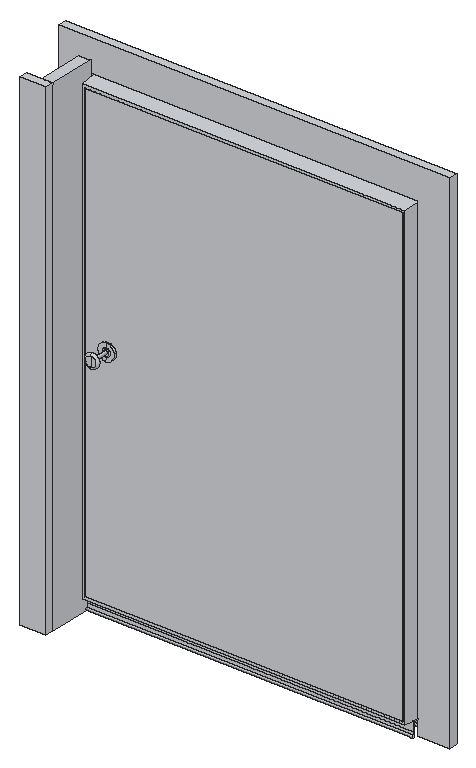
Revit family "Jamolite II", category Doors, host Wall, Revit 2014
Parameters (values of type "5'0" X 7'0"X 4"")
  WIC = 56"
  Trim [instance] = yes
  Thickness = 4"
  Swing Angle [instance] = 45.00°
  Shutter = none
  Rough Width = WIC + 4 3/4"  # 60 3/4"
  Rough Height = HIC + 2"  # 84"
  Jamb [instance] = yes
  Buck Opening = WIC + 4"  # 60"
  Buck Opening HT. = HIC + 2"  # 84"
  HIC = 82"
  Function = Interior
  Frame Projection Ext. = 1"
  Frame Projection Int. = 1"
  Frame Width = 3"
  Height = 84"
  Wall Closure = By host
  Width = 36"
  Frame = none
  LATCH STRIKE TAPPING BAR = 41"
  DOOR CLOSER = 14"
  Closure Offset = 8"
  Closer [instance] = yes
  Analytic Construction = "<None>"
Types (13): name | WIC | Thickness | Rough Width | Rough Height | Buck Opening | Buck Opening HT. | HIC
  2'6"X6'6"X4" | 26" | 4" | 30 3/4" | 78" | 30" | 78" | 76"
  2'6"X6'6"X6" | 26" | 6" | 30 3/4" | 78" | 30" | 78" | 76"
  3'0" X 6'6"X 4" | 32" | 6" | 36 3/4" | 78" | 36" | 78" | 76"
  3'6" X 6'6"X 4" | 38" | 4" | 42 3/4" | 78" | 42" | 78" | 76"
  3'6" X 6'6"X 6" | 38" | 6" | 42 3/4" | 78" | 42" | 78" | 76"
  4'0" X 6'6"X 4" | 44" | 6" | 48 3/4" | 78" | 48" | 78" | 76"
  4'6" X 6'6"X 4" | 50" | 4" | 54 3/4" | 78" | 54" | 78" | 76"
  5'0" X 6'6"X 4" | 56" | 4" | 60 3/4" | 78" | 60" | 78" | 76"
  3'0" X 7'0"X 4" | 32" | 4" | 36 3/4" | 84" | 36" | 84" | 82"
  3'0" X 7'0"X 6" | 32" | 6" | 36 3/4" | 84" | 36" | 84" | 82"
  3'6" X 7'0"X 4" | 38" | 6" | 42 3/4" | 84" | 42" | 84" | 82"
  5'0" X 7'0"X 4" | 56" | 4" | 60 3/4" | 84" | 60" | 84" | 82"
  5'0" X 7'0"X 6" | 56" | 6" | 60 3/4" | 84" | 60" | 84" | 82"
Reference planes (in)
  plane 1 "Center (Front/Back)": y = 0
  plane 2 "Center (Left/Right)": x = 0
  plane 3 "Exterior": y = 4
  plane 4 "Interior": y = -4
  plane 5 "WIC R": x = -18.27643
  plane 6 "BW L": x = 30
  plane 7 "BW R": x = -30
  plane 8 "HIC": z = 82
  plane 9 "BH": z = 84
  plane 10 "FO2": x = -28
  plane 11: z = 42
  plane 12: z = 17.5
  plane 13 "r": y = 5.5
  plane 14: z = 102.82525
  plane 15: z = 54.04247
  plane 16: z = 60.82525
  plane 17: z = 81.0494
  plane 18: y = 7.04389
  plane 19: x = -27.19354
  plane 20: x = 28
  plane 21: x = 28
  plane 22: y = 5.75
  plane 23: y = 1.75
  plane 24: x = 27.25515
  plane 25: z = 46.35636
  plane 26: z = 71.5494
  plane 27: x = -23.25
Forms (in)
  Sweep 1, solid, material <- "Frame"
    path origin (0, 0, 0) x (1, 0, 0) y (0, 0, 1)
      loop
        line (28, 0) -> (28, 82) -> (-28, 82) -> (-28, 0)
    profile origin (28, 0, 41) x (-1, 0, 0) y (0, -1, 0)
      loop
        line (0, -4) -> (-5.5, -4) -> (-5.5, -5.5) -> (0, -5.5) -> (0, -4)
  Extrusion 2, solid, material <- "Shutter"
    sketch origin (0, 0, 0) x (0, 1, 0) y (0, 0, 1)
      loop
        line (1.75, 81.0494) -> (1.75, 2.90625) -> (6.75, 2.90625) -> (6.75, 81.0494) -> (1.75, 81.0494)
    from -27.19354 to 27.25515
  Sweep 3, solid
    path in 3D
      loop
        line (-27.19354, 6.75, 2.90625) -> (27.25515, 6.75, 2.90625) -> (27.25515, 6.75, 81.0494) -> (-27.19354, 6.75, 81.0494) -> (-27.19354, 6.75, 2.90625)
    profile origin (-27.19354, 6.75, 41.97782) x (-1, 0, 0) y (0, -1, 0)
      loop
        line (0, 0) -> (1.78794, 0)
        arc (1.78794, 0) -> (1.93789, 0.06211) -> (2, 0.21206) r 0.21206
        line (2, 0.21206) -> (2, 0.43951)
        arc (2, 0.43951) -> (1.84911, 0.62924) -> (1.60936, 0.66505) r 0.33064
        line (1.60936, 0.66505) -> (0.71825, 0.66505) -> (0.37297, 5) -> (0, 5) -> (0, 0)
  Extrusion 4, solid, material <- "Frame", detail levels fine
    sketch origin (-25.125, 4.5, 83.5) x (0, 0, -1) y (0, -1, 0)
      loop
        arc (83.0329, -1.5406) -> (83.39152, -1.4402) -> (83.02065, -1.47404) r 0.18698
        line (83.02065, -1.47404) -> (81.29619, -1.47404) -> (80.95374, 1.30129) -> (83.0473, 1.30129)
        arc (83.0473, 1.30129) -> (83.38361, 1.46067) -> (83.02272, 1.36977) r 0.18698
        line (83.02272, 1.36977) -> (82.44191, 1.36977) -> (80.86866, 1.36977) -> (81.22778, -1.5406) -> (83.0329, -1.5406)
    from -53.125 to 2.875
  Extrusion 5, solid, visible <- "Trim"
    sketch origin (2, 0, 0) x (1, 0, 0) y (0, 1, 0)
      loop
        line (-30, -4) -> (-34.5, -4) -> (-34.5, -5.5) -> (-30, -5.5) -> (-30, -4)
    from 0 to 84
  Extrusion 6, solid, visible <- "Jamb"
    sketch origin (0, 0, 0) x (1, 0, 0) y (0, 1, 0)
      loop
        line (-28, 4) -> (-30, 4) -> (-30, -4) -> (-28, -4) -> (-28, 4)
    from 0 to 84
Lines and regions (in)
  Opening 1
    outline origin (-60, -4, 0) x (1, 0, 0) y (0, 0, 1)
      loop
        line (90, 84) -> (30, 84) -> (30, 0) -> (90, 0) -> (90, 84)
  sketch lines
    curve 1: line (-27.19354, 6.75, 81.0494) -> (-27.19354, 6.75, 2.90625)
    curve 2: line (27.25515, 6.75, 81.0494) -> (-27.19354, 6.75, 81.0494)
    curve 3: line (27.25515, 6.75, 2.90625) -> (27.25515, 6.75, 81.0494)
    curve 4: line (27.25515, 6.75, 2.90625) -> (-27.19354, 6.75, 2.90625)
Text (in)
  text "Exterior" at (-74.96733, 27.31104, 0), in view "Ref. Level"
  text "Interior" at (-74.96733, -25.14366, 0), in view "Ref. Level"
  text "Exterior" at (0, 40.15149, 123.01588), in view "Right"
  text "Interior" at (0, -64.39139, 123.01588), in view "Right"
  text "Interior" at (0, -31.01599, 123.00693), in view "Left"
  text "Exterior" at (0, 54.57065, 123.00693), in view "Left"
Dimensions and locks (in)
  "HIC": level to plane 8 "HIC"
  locked: plane 3 "Exterior" to Sweep 1 sketch curve at 1.5
  locked: Sweep 1 sketch curve to Sweep 1 sketch curve at 5.5
  locked: level to plane 11 at 42
  locked: level to plane 12 at 17.5
  Extrusion 2 sketch curve to host wall = 1 3/4"
  plane 8 "HIC" to Extrusion 2 sketch curve = 0.9506"
  locked: Extrusion 2 sketch curve to level at 2.90625
  locked: plane 17 to plane 8 "HIC" at 0.9506
  plane 12 to nested 4 = 0"
  plane 26 to plane 17 = 9 1/2"
  "Buck Opening": plane 7 "BW R" to plane 6 "BW L"
  equal spacing: plane 7 "BW R", plane 2 "Center (Left/Right)", plane 6 "BW L"
  "WIC": plane 10 "FO2" to plane 21
  locked: plane 20 to plane 6 "BW L" at 2
  nested 7 to plane 20 = 0"
  locked: nested 5 to plane 6 "BW L" at 0.24166
  plane 8 "HIC" to level = 82"
  "Buck Opening HT.": level to plane 9 "BH"
  "Thickness": plane 22 to plane 23
  plane 20 to plane 6 "BW L" = 2"
  locked: plane 7 "BW R" to plane 10 "FO2" at 2
  equal spacing: plane 10 "FO2", plane 2 "Center (Left/Right)", plane 21
  locked: plane 10 "FO2" to plane 19 at 0.80646
  locked: plane 24 to plane 20 at 0.74485
  locked: plane 7 "BW R" to nested 2 at 0.65555
  locked: plane 10 "FO2" to plane 27 at 4.75
  Extrusion 5 sketch curve to Extrusion 5 sketch curve = 4 1/2"
  locked: Extrusion 5 to Extrusion 5 at 1.5
  locked: Extrusion 5 to Extrusion 5 at 4.5
  aligned and locked: plane 3 "Exterior" to host wall
  aligned and locked: plane 4 "Interior" to host wall
  aligned and locked: plane 9 "BH" to Opening 1 sketch curve
  aligned and locked: Opening 1 sketch curve to plane 6 "BW L"
  aligned and locked: Opening 1 sketch curve to level
  aligned and locked: plane 7 "BW R" to Opening 1 sketch curve
  aligned and locked: plane 3 "Exterior" to Sweep 1 sketch curve
  aligned and locked: plane 13 "r" to Sweep 1
  aligned and locked: Extrusion 2 to plane 17
  aligned and locked: plane 11 to nested 2
  aligned and locked: nested 4 to plane 12
  aligned and locked: plane 19 to Extrusion 2
  aligned and locked: nested 7 to plane 20
  aligned and locked: nested 1 to plane 7 "BW R"
  aligned and locked: plane 11 to nested 1
  aligned and locked: nested 6 to plane 11
  aligned and locked: plane 20 to Sweep 1 sketch curve
  aligned and locked: Extrusion 4 to Sweep 1
  aligned and locked: Extrusion 2 to plane 23
  aligned and locked: plane 23 to Sweep 3 sketch curve
  aligned and locked: Sweep 1 sketch curve to plane 10 "FO2"
  aligned and locked: Sweep 1 sketch curve to profile plane
  aligned and locked: plane 24 to Extrusion 2
  aligned and locked: plane 10 "FO2" to Extrusion 4
  aligned and locked: plane 6 "BW L" to nested 4
  aligned and locked: plane 27 to nested 6
  aligned and locked: plane 6 "BW L" to nested 8
  aligned and locked: plane 3 "Exterior" to nested 8
  aligned and locked: Extrusion 5 to plane 4 "Interior"
  aligned and locked: Extrusion 5 to host wall
  aligned and locked: host wall to Extrusion 6 sketch curve  (x2)
  aligned and locked: Extrusion 5 to plane 10 "FO2"
  aligned and locked: Extrusion 6 to Extrusion 5
  aligned and locked: nested 5 to plane 26
  aligned and locked: nested 7 to plane 26
Automatic sketch dimensions
  Extrusion 2 sketch curve to plane 13 "r" = 1 1/4"
  Sweep 1 sketch curve to plane 8 "HIC" = 0"
  Sweep 1 sketch curve to level = 0"  (x2)
  Extrusion 4 sketch curve to host wall = 0.86977"
  level to Extrusion 4 sketch curve = 2.63134"
  Extrusion 4 sketch curve to host wall = 0.80129"
  Extrusion 4 sketch curve to Extrusion 4 sketch curve = 0.08507"
  Extrusion 4 sketch curve to plane 13 "r" = 0.5406"
  level to Extrusion 4 sketch curve = 2.27222"
  Extrusion 4 sketch curve to Extrusion 4 sketch curve = 0.06841"
  level to Extrusion 4 sketch curve = 1.05809"
  level to Extrusion 4 sketch curve = 0.47935"
  level to Extrusion 4 sketch curve = 0.47728"
  Extrusion 4 sketch curve to Extrusion 4 sketch curve = 0.01225"
  Extrusion 4 sketch curve to Extrusion 4 sketch curve = 0.02458"
  Extrusion 4 sketch curve to Extrusion 4 sketch curve = 0.17473"
  Extrusion 4 sketch curve to Extrusion 4 sketch curve = 0.16033"
  Sweep 3 sketch curve to profile plane = 0"  (x2)
  profile plane to Sweep 3 sketch curve = 0.71825"
  Sweep 3 sketch curve to Sweep 3 sketch curve = 0.89111"
  Sweep 3 sketch curve to Sweep 3 sketch curve = 0.07443"
  Sweep 3 sketch curve to Sweep 3 sketch curve = 0.10415"
  Sweep 3 sketch curve to profile plane = 0.21206"
  Sweep 3 sketch curve to Sweep 3 sketch curve = 0.13084"
  Sweep 3 sketch curve to Sweep 3 sketch curve = 0.22745"
  profile plane to Sweep 3 sketch curve = 0.37297"
  host wall to Extrusion 5 sketch curve = 0"
  Extrusion 5 sketch curve to plane 7 "BW R" = 2"
  host wall to Extrusion 5 sketch curve = 1 1/2"
  Extrusion 6 sketch curve to plane 7 "BW R" = 0"
  Extrusion 6 sketch curve to plane 10 "FO2" = 0"
Nested families (in)
  nested 1: "K 56 Latch" at (-24.92764, 5.5, 42) x (1, 0, 0) z (0, 1, 0), type "K 56 Latch", detail levels fine
  nested 2: "K56 Latch-1" at (-25.5, 6.75, 42) x (1, 0, 0) z (0, 1, 0), type "K56", detail levels fine
  nested 3: "Family15" at (29.75834, 5.5, 17.25) x (-1, 0, 0) z (0, 1, 0), type "Family15", detail levels fine
  nested 4: "CAM LIFT HINGE" at (29.16509, 6.75, 17.5) x (-1, 0, 0) z (0, 1, 0), type "CAM LIFT HINGE", detail levels fine
  nested 5: "Family15" at (29.75834, 5.5, 71.5494) x (-1, 0, 0) z (0, 1, 0), type "Family15", detail levels fine
  nested 6: "Handle" at (-23.25, 1.75, 42) x (1, 0, 0) z (0, -1, 0), type "Handle", detail levels fine
  nested 7: "CAM LIFT HINGE" at (29, 6.75, 71.5494) x (-1, 0, 0) z (0, 1, 0), type "CAM LIFT HINGE", detail levels fine
  nested 8: "Swing" at (30, 4, 0), type "Swing"
    with Swing 60"
Definition of nested family "K 56 Latch"
  Parameters (values of type "K 56 Latch")
    Default Elevation = 48"
  Reference planes (in)
    plane 1 "Center (Front/Back)": y = 0
    plane 2: z = 0
    plane 3 "Center (Left/Right)": x = 0
  Forms (in)
    Extrusion 1, solid
      sketch origin (0, 0, 0) x (1, 0, 0) y (0, 1, 0)
        loop
          line (-48, 48) -> (-48, -48) -> (48, -48) -> (48, 48) -> (-48, 48)
      from 0 to -12
  Dimensions and locks (in)
    aligned and locked: plane 2 to Extrusion 1
    aligned and locked: level to Extrusion 1
    aligned and locked: nested 1 to plane 2
  Nested families (in)
    nested 1: "K56 Latch" at (0, 0, 6.39026), type "K56"
  Definition of nested family "K56 Latch"
    Reference planes (in)
      plane 1 "Center (Front/Back)": y = 0
      plane 2: z = 0
      plane 3 "Center (Left/Right)": x = 0
      plane 4: x = 449.411
      plane 5: x = 455.36327
      plane 6: z = -2.28125
      plane 7: z = -6.39026
      plane 8: z = -3.85901
    Forms (in)
      Extrusion 1, solid
        sketch origin (0, 0, 0) x (1, 0, 0) y (0, 0, 1)
          loop
            arc (-4.29402, -3.79735) -> (-3.99453, -3.40704) -> (-4.35725, -3.07467) r 0.3641
            line (-4.35725, -3.07467) -> (-4.99876, -3.07467) -> (-4.99876, -3.85901) -> (-4.29402, -3.79735)
          loop
            circle (-4.44113, -3.44578) r 0.13799
        from -0.76762 to 0.91529
      Extrusion 2, solid
        sketch origin (0, 0, 0) x (1, 0, 0) y (0, 0, 1)
          loop
            line (-4.99876, -4.78125) -> (-4.99876, -2.87848) -> (-6.28705, -2.87848)
            arc (-6.28705, -2.87848) -> (-6.95561, -3.73138) -> (-7.22428, -4.78125) r 2.63458
            line (-7.22428, -4.78125) -> (-4.99876, -4.78125)
        from -0.76762 to 0.91529
      Extrusion 3, void
        sketch origin (0, 0, 0) x (1, 0, 0) y (0, 1, 0)
          loop
            line (-6.0666, 0.76762) -> (-7.55529, 0.76762) -> (-7.55529, -0.91529) -> (-5.50023, -0.91529) -> (-7.1008, -0.71877)
            arc (-7.1008, -0.71877) -> (-7.23095, -0.03963) -> (-7.10444, 0.64019) r 1.86309
            line (-7.10444, 0.64019) -> (-6.0666, 0.76762)
        from -5.05191 to -2.45611
      Extrusion 4, solid
        sketch origin (0, 0, 0) x (1, 0, 0) y (0, 1, 0)
          loop
            line (-5.07236, 0.76762) -> (-5.07236, 1.62599) -> (-5.97114, 1.62599) -> (-6.65564, 1.54194)
            arc (-6.65564, 1.54194) -> (-6.93192, 1.42485) -> (-7.10444, 1.17933) r 0.54537
            line (-7.10444, 1.17933) -> (-7.10444, 0.64019) -> (-6.0666, 0.76762) -> (-5.07236, 0.76762)
          loop
            line (-7.10444, -0.73394) -> (-7.10444, -1.27308)
            arc (-7.10444, -1.27308) -> (-6.93192, -1.5186) -> (-6.65564, -1.63569) r 0.54537
            line (-6.65564, -1.63569) -> (-5.97114, -1.71974) -> (-5.07236, -1.71974) -> (-5.07236, -0.91529) -> (-5.62749, -0.91529) -> (-7.10444, -0.73394)
        from -6.39026 to -4.78125
      Extrusion 5, solid, not visible
        sketch origin (0, 0, 0) x (1, 0, 0) y (0, 0, 1)
          loop
            line (-3.84445, -3.42691) -> (-3.84445, -5.05191) -> (-3.09445, -5.05191)
            arc (-3.09445, -5.05191) -> (-2.62588, -4.67884) -> (-2.04191, -4.54572) r 1.34738
            line (-2.04191, -4.54572) -> (2.12115, -4.54572)
            arc (2.12115, -4.54572) -> (2.70511, -4.67884) -> (3.17369, -5.05191) r 1.34738
            line (3.17369, -5.05191) -> (3.40555, -5.05191) -> (3.40555, -3.9876)
            arc (3.40555, -3.9876) -> (3.07333, -3.18555) -> (2.27128, -2.85333) r 1.13427
            line (2.27128, -2.85333) -> (-3.0253, -2.85333)
            arc (-3.0253, -2.85333) -> (-3.49776, -3.05031) -> (-3.84445, -3.42691) r 1.19495
        from -0.83221 to 1.05492
      Extrusion 6, solid, not visible
        sketch origin (0, 0, 0) x (1, 0, 0) y (0, 0, 1)
          loop
            arc (2.49438, -2.87549) -> (2.88372, -3.03289) -> (3.18911, -3.32116) r 1.13427
            line (3.18911, -3.32116) -> (5.09329, -3.32116)
            arc (5.09329, -3.32116) -> (6.25507, -3.39456) -> (7.39838, -3.61359) r 9.2312
            arc (7.39838, -3.61359) -> (7.77986, -3.57707) -> (7.49005, -3.32633) r 0.20842
            arc (7.49005, -3.32633) -> (6.05965, -2.98888) -> (4.59437, -2.87549) r 9.52477
            line (4.59437, -2.87549) -> (2.49438, -2.87549)
        from -0.39773 to 0.49056
      Extrusion 7, solid, not visible
        sketch origin (0, 0, 0) x (1, 0, 0) y (0, 0, 1)
          loop
            line (-3.84445, -3.75802) -> (-4.4369, -3.80985)
            arc (-4.4369, -3.80985) -> (-4.54003, -3.87615) -> (-4.54385, -3.99869) r 0.13171
            arc (-4.54385, -3.99869) -> (-4.25321, -4.40397) -> (-3.84445, -4.68971) r 1.48014
            line (-3.84445, -4.68971) -> (-3.84445, -3.75802)
        from -0.52686 to 0.65597
      Extrusion 8, solid, not visible
        sketch origin (0, 0, 0) x (1, 0, 0) y (0, 0, 1)
          loop
            arc (-4.29402, -3.79735) -> (-3.99453, -3.40704) -> (-4.35725, -3.07467) r 0.3641
            line (-4.35725, -3.07467) -> (-4.99876, -3.07467) -> (-4.99876, -3.85901) -> (-4.29402, -3.79735)
          loop
            circle (-4.44113, -3.44578) r 0.13799
        from -0.76762 to 0.91529
      Extrusion 9, solid, not visible
        sketch origin (0, 0, 0) x (1, 0, 0) y (0, 0, 1)
          loop
            line (-4.99876, -4.78125) -> (-4.99876, -2.94967) -> (-6.36833, -2.94967)
            arc (-6.36833, -2.94967) -> (-6.97899, -3.78009) -> (-7.22428, -4.78125) r 2.63458
            line (-7.22428, -4.78125) -> (-4.99876, -4.78125)
        from -0.76762 to 0.91529
      Extrusion 10, void, not visible
        sketch origin (0, 0, 0) x (1, 0, 0) y (0, 1, 0)
          loop
            line (-6.0666, 0.76762) -> (-7.55529, 0.76762) -> (-7.55529, -0.91529) -> (-5.50023, -0.91529) -> (-7.1008, -0.71877)
            arc (-7.1008, -0.71877) -> (-7.23095, -0.03963) -> (-7.10444, 0.64019) r 1.86309
            line (-7.10444, 0.64019) -> (-6.0666, 0.76762)
        from -5.05191 to -2.45611
      Extrusion 11, solid, not visible
        sketch origin (0, 0, 0) x (1, 0, 0) y (0, 1, 0)
          loop
            line (-5.07236, 0.76762) -> (-5.07236, 1.62599) -> (-5.97114, 1.62599) -> (-6.65564, 1.54194)
            arc (-6.65564, 1.54194) -> (-6.93192, 1.42485) -> (-7.10444, 1.17933) r 0.54537
            line (-7.10444, 1.17933) -> (-7.10444, 0.64019) -> (-6.0666, 0.76762) -> (-5.07236, 0.76762)
          loop
            line (-7.10444, -0.73394) -> (-7.10444, -1.27308)
            arc (-7.10444, -1.27308) -> (-6.93192, -1.5186) -> (-6.65564, -1.63569) r 0.54537
            line (-6.65564, -1.63569) -> (-5.97114, -1.71974) -> (-5.07236, -1.71974) -> (-5.07236, -0.91529) -> (-5.62749, -0.91529) -> (-7.10444, -0.73394)
        from -5.29006 to -4.78125
      Extrusion 12, solid, not visible
        sketch origin (0, 0, 0) x (1, 0, 0) y (0, 1, 0)
          loop
            arc (2.92209, 0.83221) -> (2.69587, 1.22402) -> (2.27639, 1.39351) r 0.69483
            line (2.27639, 1.39351) -> (-1.81471, 1.60791) -> (-3.06471, 1.60791) -> (-3.06471, 1.00899)
            arc (-3.06471, 1.00899) -> (-3.11649, 0.88399) -> (-3.24149, 0.83221) r 0.17678
            line (-3.24149, 0.83221) -> (2.92209, 0.83221)
          loop
            line (3.23422, -1.05492) -> (-3.24149, -1.05492)
            arc (-3.24149, -1.05492) -> (-3.11649, -1.1067) -> (-3.06471, -1.2317) r 0.17678
            line (-3.06471, -1.2317) -> (-3.06471, -1.83062) -> (-1.50258, -1.83062) -> (2.58852, -1.61622)
            arc (2.58852, -1.61622) -> (3.00801, -1.44674) -> (3.23422, -1.05492) r 0.69483
        from -5.05191 to -4.54572
      Extrusion 13, void, not visible
        sketch origin (0, 0, 0) x (1, 0, 0) y (0, 0, 1)
          loop
            arc (-3.09445, -5.05191) -> (-2.62588, -4.67884) -> (-2.04191, -4.54572) r 1.34738
            line (-2.04191, -4.54572) -> (-3.24149, -4.54572) -> (-3.24149, -5.05191) -> (-3.09445, -5.05191)
        from 1.05492 to 2.35284
      Extrusion 14, void, not visible
        sketch origin (0, 0, 0) x (-1, 0, 0) y (0, 0, -1)
          loop
            line (-3.09445, 5.05191) -> (-3.24149, 5.05191) -> (-3.24149, 4.54572) -> (-2.04191, 4.54572)
            arc (-2.04191, 4.54572) -> (-2.62588, 4.67884) -> (-3.09445, 5.05191) r 1.34738
        from 1.05492 to 2.35284
      Extrusion 15, solid, not visible
        sketch origin (0, 0, 0) x (1, 0, 0) y (0, 0, 1)
          loop
            arc (-4.29402, -3.79735) -> (-3.99453, -3.40704) -> (-4.35725, -3.07467) r 0.3641
            line (-4.35725, -3.07467) -> (-4.99876, -3.07467) -> (-4.99876, -3.85901) -> (-4.29402, -3.79735)
          loop
            circle (-4.44113, -3.44578) r 0.13799
        from -0.76762 to 0.91529
      Extrusion 16, solid, not visible
        sketch origin (0, 0, 0) x (1, 0, 0) y (0, 0, 1)
          loop
            line (-4.99876, -4.78125) -> (-4.99876, -2.87848) -> (-6.28705, -2.87848)
            arc (-6.28705, -2.87848) -> (-6.95561, -3.73138) -> (-7.22428, -4.78125) r 2.63458
            line (-7.22428, -4.78125) -> (-4.99876, -4.78125)
        from -0.76762 to 0.91529
      Extrusion 17, void, not visible
        sketch origin (0, 0, 0) x (1, 0, 0) y (0, 1, 0)
          loop
            line (-6.0666, 0.76762) -> (-7.55529, 0.76762) -> (-7.55529, -0.91529) -> (-5.50023, -0.91529) -> (-7.1008, -0.71877)
            arc (-7.1008, -0.71877) -> (-7.23095, -0.03963) -> (-7.10444, 0.64019) r 1.86309
            line (-7.10444, 0.64019) -> (-6.0666, 0.76762)
        from -5.05191 to -2.45611
    Cuts and joins
      Extrusion 3 cuts Extrusion 2
    Dimensions and locks (in)
      aligned and locked: plane 2 to level
Definition of nested family "K56 Latch-1"
  Parameters (values of type "K56 Latch-1")
    Default Elevation = 48"
  Reference planes (in)
    plane 1 "Center (Front/Back)": y = 0
    plane 2: z = 0
    plane 3 "Center (Left/Right)": x = 0
  Forms (in)
    Extrusion 1, solid
      sketch origin (0, 0, 0) x (1, 0, 0) y (0, 1, 0)
        loop
          line (-48, 48) -> (-48, -48) -> (48, -48) -> (48, 48) -> (-48, 48)
      from 0 to -12
  Dimensions and locks (in)
    aligned and locked: plane 2 to Extrusion 1
    aligned and locked: level to Extrusion 1
    aligned and locked: nested 1 to level
  Nested families (in)
    nested 1: "K56 Latch-1" at (0, 0, 5.05191), type "K56"
  Definition of nested family "K56 Latch-1"
    Reference planes (in)
      plane 1 "Center (Front/Back)": y = 0
      plane 2: z = 0
      plane 3 "Center (Left/Right)": x = 0
      plane 4: x = 449.411
      plane 5: x = 455.36327
    Forms (in)
      Extrusion 1, solid
        sketch origin (0, 0, 0) x (1, 0, 0) y (0, 0, 1)
          loop
            line (-3.84445, -3.42691) -> (-3.84445, -5.05191) -> (-3.09445, -5.05191)
            arc (-3.09445, -5.05191) -> (-2.62588, -4.67884) -> (-2.04191, -4.54572) r 1.34738
            line (-2.04191, -4.54572) -> (2.12115, -4.54572)
            arc (2.12115, -4.54572) -> (2.70511, -4.67884) -> (3.17369, -5.05191) r 1.34738
            line (3.17369, -5.05191) -> (3.40555, -5.05191) -> (3.40555, -3.9876)
            arc (3.40555, -3.9876) -> (3.07333, -3.18555) -> (2.27128, -2.85333) r 1.13427
            line (2.27128, -2.85333) -> (-3.0253, -2.85333)
            arc (-3.0253, -2.85333) -> (-3.49776, -3.05031) -> (-3.84445, -3.42691) r 1.19495
        from -0.83221 to 1.05492
      Extrusion 2, solid
        sketch origin (0, 0, 0) x (1, 0, 0) y (0, 0, 1)
          loop
            arc (2.49438, -2.87549) -> (2.88372, -3.03289) -> (3.18911, -3.32116) r 1.13427
            line (3.18911, -3.32116) -> (5.09329, -3.32116)
            arc (5.09329, -3.32116) -> (6.25507, -3.39456) -> (7.39838, -3.61359) r 9.2312
            arc (7.39838, -3.61359) -> (7.77986, -3.57707) -> (7.49005, -3.32633) r 0.20842
            arc (7.49005, -3.32633) -> (6.05965, -2.98888) -> (4.59437, -2.87549) r 9.52477
            line (4.59437, -2.87549) -> (2.49438, -2.87549)
        from -0.39773 to 0.49056
      Extrusion 3, solid
        sketch origin (0, 0, 0) x (1, 0, 0) y (0, 0, 1)
          loop
            line (-3.84445, -3.75802) -> (-4.4369, -3.80985)
            arc (-4.4369, -3.80985) -> (-4.54003, -3.87615) -> (-4.54385, -3.99869) r 0.13171
            arc (-4.54385, -3.99869) -> (-4.25321, -4.40397) -> (-3.84445, -4.68971) r 1.48014
            line (-3.84445, -4.68971) -> (-3.84445, -3.75802)
        from -0.52686 to 0.65597
      Extrusion 4, solid
        sketch origin (0, 0, 0) x (1, 0, 0) y (0, 1, 0)
          loop
            arc (2.92209, 0.83221) -> (2.69587, 1.22402) -> (2.27639, 1.39351) r 0.69483
            line (2.27639, 1.39351) -> (-1.81471, 1.60791) -> (-3.06471, 1.60791) -> (-3.06471, 1.00899)
            arc (-3.06471, 1.00899) -> (-3.11649, 0.88399) -> (-3.24149, 0.83221) r 0.17678
            line (-3.24149, 0.83221) -> (2.92209, 0.83221)
          loop
            line (3.23422, -1.05492) -> (-3.24149, -1.05492)
            arc (-3.24149, -1.05492) -> (-3.11649, -1.1067) -> (-3.06471, -1.2317) r 0.17678
            line (-3.06471, -1.2317) -> (-3.06471, -1.83062) -> (-1.50258, -1.83062) -> (2.58852, -1.61622)
            arc (2.58852, -1.61622) -> (3.00801, -1.44674) -> (3.23422, -1.05492) r 0.69483
        from -5.05191 to -4.54572
      Extrusion 5, void
        sketch origin (0, 0, 0) x (1, 0, 0) y (0, 0, 1)
          loop
            arc (-3.09445, -5.05191) -> (-2.62588, -4.67884) -> (-2.04191, -4.54572) r 1.34738
            line (-2.04191, -4.54572) -> (-3.24149, -4.54572) -> (-3.24149, -5.05191) -> (-3.09445, -5.05191)
        from 1.05492 to 2.35284
      Extrusion 6, void
        sketch origin (0, 0, 0) x (-1, 0, 0) y (0, 0, -1)
          loop
            line (-3.09445, 5.05191) -> (-3.24149, 5.05191) -> (-3.24149, 4.54572) -> (-2.04191, 4.54572)
            arc (-2.04191, 4.54572) -> (-2.62588, 4.67884) -> (-3.09445, 5.05191) r 1.34738
        from 1.05492 to 2.35284
      Extrusion 7, solid, not visible
        sketch origin (0, 0, 0) x (1, 0, 0) y (0, 0, 1)
          loop
            line (-3.84445, -3.42691) -> (-3.84445, -5.05191) -> (-3.09445, -5.05191)
            arc (-3.09445, -5.05191) -> (-2.62588, -4.67884) -> (-2.04191, -4.54572) r 1.34738
            line (-2.04191, -4.54572) -> (2.12115, -4.54572)
            arc (2.12115, -4.54572) -> (2.70511, -4.67884) -> (3.17369, -5.05191) r 1.34738
            line (3.17369, -5.05191) -> (3.40555, -5.05191) -> (3.40555, -3.9876)
            arc (3.40555, -3.9876) -> (3.07333, -3.18555) -> (2.27128, -2.85333) r 1.13427
            line (2.27128, -2.85333) -> (-3.0253, -2.85333)
            arc (-3.0253, -2.85333) -> (-3.49776, -3.05031) -> (-3.84445, -3.42691) r 1.19495
        from -0.83221 to 1.05492
      Extrusion 8, solid, not visible
        sketch origin (0, 0, 0) x (1, 0, 0) y (0, 0, 1)
          loop
            arc (2.49438, -2.87549) -> (2.88372, -3.03289) -> (3.18911, -3.32116) r 1.13427
            line (3.18911, -3.32116) -> (5.09329, -3.32116)
            arc (5.09329, -3.32116) -> (6.25507, -3.39456) -> (7.39838, -3.61359) r 9.2312
            arc (7.39838, -3.61359) -> (7.77986, -3.57707) -> (7.49005, -3.32633) r 0.20842
            arc (7.49005, -3.32633) -> (6.05965, -2.98888) -> (4.59437, -2.87549) r 9.52477
            line (4.59437, -2.87549) -> (2.49438, -2.87549)
        from -0.39773 to 0.49056
      Extrusion 9, solid, not visible
        sketch origin (0, 0, 0) x (1, 0, 0) y (0, 0, 1)
          loop
            line (-3.84445, -3.75802) -> (-4.4369, -3.80985)
            arc (-4.4369, -3.80985) -> (-4.54003, -3.87615) -> (-4.54385, -3.99869) r 0.13171
            arc (-4.54385, -3.99869) -> (-4.25321, -4.40397) -> (-3.84445, -4.68971) r 1.48014
            line (-3.84445, -4.68971) -> (-3.84445, -3.75802)
        from -0.52686 to 0.65597
      Extrusion 10, solid, not visible
        sketch origin (0, 0, 0) x (1, 0, 0) y (0, 0, 1)
          loop
            arc (-4.29402, -3.79735) -> (-3.99453, -3.40704) -> (-4.35725, -3.07467) r 0.3641
            line (-4.35725, -3.07467) -> (-4.99876, -3.07467) -> (-4.99876, -3.85901) -> (-4.29402, -3.79735)
          loop
            circle (-4.44113, -3.44578) r 0.13799
        from -0.76762 to 0.91529
      Extrusion 11, solid, not visible
        sketch origin (0, 0, 0) x (1, 0, 0) y (0, 0, 1)
          loop
            line (-4.99876, -4.78125) -> (-4.99876, -2.94967) -> (-6.36833, -2.94967)
            arc (-6.36833, -2.94967) -> (-6.97899, -3.78009) -> (-7.22428, -4.78125) r 2.63458
            line (-7.22428, -4.78125) -> (-4.99876, -4.78125)
        from -0.76762 to 0.91529
      Extrusion 12, void, not visible
        sketch origin (0, 0, 0) x (1, 0, 0) y (0, 1, 0)
          loop
            line (-6.0666, 0.76762) -> (-7.55529, 0.76762) -> (-7.55529, -0.91529) -> (-5.50023, -0.91529) -> (-7.1008, -0.71877)
            arc (-7.1008, -0.71877) -> (-7.23095, -0.03963) -> (-7.10444, 0.64019) r 1.86309
            line (-7.10444, 0.64019) -> (-6.0666, 0.76762)
        from -5.05191 to -2.45611
      Extrusion 13, solid, not visible
        sketch origin (0, 0, 0) x (1, 0, 0) y (0, 1, 0)
          loop
            line (-5.07236, 0.76762) -> (-5.07236, 1.62599) -> (-5.97114, 1.62599) -> (-6.65564, 1.54194)
            arc (-6.65564, 1.54194) -> (-6.93192, 1.42485) -> (-7.10444, 1.17933) r 0.54537
            line (-7.10444, 1.17933) -> (-7.10444, 0.64019) -> (-6.0666, 0.76762) -> (-5.07236, 0.76762)
          loop
            line (-7.10444, -0.73394) -> (-7.10444, -1.27308)
            arc (-7.10444, -1.27308) -> (-6.93192, -1.5186) -> (-6.65564, -1.63569) r 0.54537
            line (-6.65564, -1.63569) -> (-5.97114, -1.71974) -> (-5.07236, -1.71974) -> (-5.07236, -0.91529) -> (-5.62749, -0.91529) -> (-7.10444, -0.73394)
        from -5.29006 to -4.78125
      Extrusion 14, solid, not visible
        sketch origin (0, 0, 0) x (1, 0, 0) y (0, 1, 0)
          loop
            arc (2.92209, 0.83221) -> (2.69587, 1.22402) -> (2.27639, 1.39351) r 0.69483
            line (2.27639, 1.39351) -> (-1.81471, 1.60791) -> (-3.06471, 1.60791) -> (-3.06471, 1.00899)
            arc (-3.06471, 1.00899) -> (-3.11649, 0.88399) -> (-3.24149, 0.83221) r 0.17678
            line (-3.24149, 0.83221) -> (2.92209, 0.83221)
          loop
            line (3.23422, -1.05492) -> (-3.24149, -1.05492)
            arc (-3.24149, -1.05492) -> (-3.11649, -1.1067) -> (-3.06471, -1.2317) r 0.17678
            line (-3.06471, -1.2317) -> (-3.06471, -1.83062) -> (-1.50258, -1.83062) -> (2.58852, -1.61622)
            arc (2.58852, -1.61622) -> (3.00801, -1.44674) -> (3.23422, -1.05492) r 0.69483
        from -5.05191 to -4.54572
      Extrusion 15, void, not visible
        sketch origin (0, 0, 0) x (1, 0, 0) y (0, 0, 1)
          loop
            arc (-3.09445, -5.05191) -> (-2.62588, -4.67884) -> (-2.04191, -4.54572) r 1.34738
            line (-2.04191, -4.54572) -> (-3.24149, -4.54572) -> (-3.24149, -5.05191) -> (-3.09445, -5.05191)
        from 1.05492 to 2.35284
      Extrusion 16, void, not visible
        sketch origin (0, 0, 0) x (-1, 0, 0) y (0, 0, -1)
          loop
            line (-3.09445, 5.05191) -> (-3.24149, 5.05191) -> (-3.24149, 4.54572) -> (-2.04191, 4.54572)
            arc (-2.04191, 4.54572) -> (-2.62588, 4.67884) -> (-3.09445, 5.05191) r 1.34738
        from 1.05492 to 2.35284
    Cuts and joins
      Extrusion 5, Extrusion 6 cuts Extrusion 4
      Extrusion 6 cuts Extrusion 1
    Dimensions and locks (in)
      aligned and locked: plane 2 to level
Definition of nested family "Family15"
  Parameters (values of type "Family15")
    Default Elevation = 48"
  Reference planes (in)
    plane 1 "Center (Front/Back)": y = 0
    plane 2: z = 0
    plane 3 "Center (Left/Right)": x = 0
  Forms (in)
    Extrusion 1, solid
      sketch origin (0, 0, 0) x (1, 0, 0) y (0, 1, 0)
        loop
          line (-48, 48) -> (-48, -48) -> (48, -48) -> (48, 48) -> (-48, 48)
      from 0 to -12
  Dimensions and locks (in)
    aligned and locked: plane 2 to Extrusion 1
    aligned and locked: level to Extrusion 1
    aligned and locked: nested 1 to Extrusion 1
  Nested families (in)
    nested 1: "CAM -LIFT HINGE-1" at (1.75, -1.25, 0), type "CAM -LIFT HINGE-1"
  Definition of nested family "CAM -LIFT HINGE-1"
    Reference planes (in)
      plane 1 "Center (Front/Back)": y = 0
      plane 2: z = 0
      plane 3 "Center (Left/Right)": x = 0
      plane 4: x = -2.1903
      plane 5: x = -0.49175
      plane 6: y = 3.72349
      plane 7: x = -3.57727
      plane 8: z = -1.375
      plane 9: z = 2.25
    Forms (in)
      Extrusion 1, solid
        sketch origin (-0.00028, -3.2356, 1.2018) x (1, 0, 0) y (0, 0, 1)
          loop
            arc (-2.16163, 1.37633) -> (-2.47252, 1.26053) -> (-2.58859, 0.94975) r 0.3993
            arc (-2.58859, 0.94975) -> (-2.47252, 0.63896) -> (-2.16163, 0.52316) r 0.3993
            arc (-2.16163, 0.52316) -> (-1.85074, 0.63896) -> (-1.73467, 0.94975) r 0.3993
            arc (-1.73467, 0.94975) -> (-1.85074, 1.26053) -> (-2.16163, 1.37633) r 0.3993
        from -6.66659 to -2.84853
      Extrusion 2, solid
        sketch origin (-0.00028, 0.0257, 0) x (1, 0, 0) y (0, 0, 1)
          loop
            arc (-2.15966, 1.72421) -> (-2.42005, 1.7973) -> (-2.57413, 2.01957) r 0.3993
            line (-2.57413, 2.01957) -> (-2.75898, 0.26083) -> (-1.58411, 0.26083) -> (-1.7439, 2.02449)
            arc (-1.7439, 2.02449) -> (-1.8972, 1.79878) -> (-2.15966, 1.72421) r 0.3993
        from -3.40529 to 0.41277
      Extrusion 3, solid
        sketch origin (-0.00028, 0.0257, 0) x (1, 0, 0) y (0, 1, 0)
          loop
            line (-3.57699, 2.90921) -> (-3.57699, 0.09185) -> (-2.72355, -0.76159) -> (-1.37967, -0.76159) -> (-0.92255, -0.36423) -> (-0.92255, 0.52171) -> (-1.69124, 0.52171) -> (-1.69124, -0.41277) -> (-2.63201, -0.41277) -> (-2.63201, 3.40529) -> (-1.69124, 3.40529) -> (-1.69124, 2.81735) -> (-1.58411, 2.76739) -> (-0.89935, 2.76739) -> (-0.89935, 3.29556) -> (-1.33574, 3.73195) -> (-2.66324, 3.73195) -> (-3.57699, 2.90921)
        from 0 to 0.26083
    Dimensions and locks (in)
      plane 9 to level = 2 1/4"
      aligned and locked: plane 2 to level
Definition of nested family "CAM LIFT HINGE"
  Parameters (values of type "CAM LIFT HINGE")
    Default Elevation = 48"
  Reference planes (in)
    plane 1 "Center (Front/Back)": y = 0
    plane 2: z = 0
    plane 3 "Center (Left/Right)": x = 0
  Forms (in)
    Extrusion 1, solid
      sketch origin (0, 0, 0) x (1, 0, 0) y (0, 1, 0)
        loop
          line (-48, 48) -> (-48, -48) -> (48, -48) -> (48, 48) -> (-48, 48)
      from 0 to -12
  Dimensions and locks (in)
    aligned and locked: plane 2 to Extrusion 1
    aligned and locked: level to Extrusion 1
  Nested families (in)
    nested 1: "CAM -LIFT HINGE" at (1, -1.5, 0), type "CAM -LIFT HINGE"
  Definition of nested family "CAM -LIFT HINGE"
    Reference planes (in)
      plane 1 "Center (Front/Back)": y = 0
      plane 2: z = 0
      plane 3 "Center (Left/Right)": x = 0
      plane 4: x = -101.91628
      plane 5: x = -91.54128
      plane 6: z = -196.65048
      plane 7: z = -195.32144
      plane 8: x = -2.1903
      plane 9: x = -0.49175
      plane 10: y = 3.72349
      plane 11: x = -3.57727
    Forms (in)
      Extrusion 1, solid
        sketch origin (0, 0, 0) x (1, 0, 0) y (0, 1, 0)
          loop
            line (6.99673, 1.61921) -> (6.99673, 2.34783) -> (1.71096, 3.03838) -> (0.0915, 3.03838) -> (0, 2.98555) -> (0, 0.2721) -> (1.71096, 0.2721) -> (6.99673, 0.96265) -> (6.99673, 1.61921)
        from 0 to 0.26083
      Extrusion 2, solid
        sketch origin (0, 0, 0) x (1, 0, 0) y (0, 0, 1)
          loop
            line (0, 1.10053) -> (0, 0.26083) -> (6.99673, 0.26083) -> (0, 1.10053)
        from -2.05656 to -1.26066
      Extrusion 3, solid
        sketch origin (0, 0, 0) x (1, 0, 0) y (0, 0, 1)
          loop
            line (0, 1.10053) -> (-1.33379, 1.2606) -> (-2.03936, 1.28811)
            arc (-2.03936, 1.28811) -> (-1.96008, 1.25987) -> (-1.88847, 1.21563) r 0.3993
            line (-1.88847, 1.21563) -> (-0.49175, 0.54475) -> (0, 0.26083) -> (0, 1.10053)
        from -3.09944 to 0.17175
      Extrusion 4, void
        sketch origin (0, 0, 0) x (1, 0, 0) y (0, 1, 0)
          loop
            line (0, 2.05656) -> (-1.70641, 2.746)
            arc (-1.70641, 2.746) -> (-1.78373, 2.79717) -> (-1.83491, 2.87449) r 0.23253
            line (-1.83491, 2.87449) -> (-1.83491, 0.41216)
            arc (-1.83491, 0.41216) -> (-1.78373, 0.48948) -> (-1.70641, 0.54066) r 0.23253
            line (-1.70641, 0.54066) -> (0, 1.23009) -> (0, 2.05656)
          loop
            line (0, 3.80656) -> (-3, 3.80656) -> (-3, -0.37081) -> (0, -0.37081) -> (1.18519, -0.37081) -> (1.18519, 3.80656) -> (0, 3.80656)
        from 0 to 1.54674
      Extrusion 5, solid
        sketch origin (0, 0, 0) x (1, 0, 0) y (0, 0, 1)
          loop
            line (0, 0) -> (0, 0.26083) -> (-0.49175, 0.54475) -> (-0.49175, 0.28391) -> (0, 0)
        from -3.63626 to 0.53266
      Extrusion 6, void
        sketch origin (0, 0, 0) x (1, 0, 0) y (0, 1, 0)
          loop
            line (0.11981, 3.05472) -> (0.11981, 3.90941) -> (-0.72763, 3.90941) -> (-0.72763, 2.74277) -> (-0.42051, 2.74277) -> (0.11981, 3.05472)
          loop
            line (0.11981, 0.19537) -> (-0.42051, 0.50732) -> (-0.72763, 0.50732) -> (-0.72763, -0.65931) -> (0.11981, -0.65931) -> (0.11981, 0.19537)
        from -0.38289 to 1.68782
      Extrusion 7, solid
        sketch origin (0, 0, 0) x (1, 0, 0) y (0, 0, 1)
          loop
            line (-0.49175, 0.28391) -> (-0.49175, 0.54475) -> (-1.835, 1.18995)
            arc (-1.835, 1.18995) -> (-1.7386, 0.97742) -> (-1.72817, 0.74428) r 0.61602
            line (-1.72817, 0.74428) -> (-1.69712, 0.38937) -> (-0.49175, 0.28391)
        from -3.9064 to 0.21481
      Extrusion 8, void
        sketch origin (0, 0, 0) x (1, 0, 0) y (0, 1, 0)
          loop
            arc (-1.7637, 0.50732) -> (-1.80556, 0.46426) -> (-1.835, 0.41192) r 0.23253
            line (-1.835, 0.41192) -> (-1.835, -0.83239) -> (-0.45527, -0.83239) -> (-0.45527, 0.50732) -> (-1.7637, 0.50732)
          loop
            arc (-1.835, 2.87474) -> (-1.79629, 2.81078) -> (-1.73928, 2.76241) r 0.23253
            line (-1.73928, 2.76241) -> (-0.42051, 2.76241) -> (-0.42051, 4.07536) -> (-1.835, 4.07536) -> (-1.835, 2.87474)
        from 0 to 12
    Cuts and joins
      Extrusion 4 cuts Extrusion 3
      Extrusion 6 cuts Extrusion 1
      Extrusion 6 cuts Extrusion 5
      Extrusion 8 cuts Extrusion 7
    Dimensions and locks (in)
      plane 5 to plane 4 = 10 3/8"
      plane 3 "Center (Left/Right)" to Extrusion 1 = 6.99673"
      plane 3 "Center (Left/Right)" to Extrusion 4 = 1.83491"
      aligned and locked: plane 2 to level
Definition of nested family "Handle"
  Parameters (values of type "Handle")
    Default Elevation = 48"
  Reference planes (in)
    plane 1 "Center (Front/Back)": y = 0
    plane 2: z = 0
    plane 3 "Center (Left/Right)": x = 0
  Forms (in)
    Extrusion 1, solid
      sketch origin (0, 0, 0) x (1, 0, 0) y (0, 1, 0)
        loop
          line (-48, 48) -> (-48, -48) -> (48, -48) -> (48, 48) -> (-48, 48)
      from 0 to -12
    Revolve 2, solid
      sketch origin (0, 0.26861, -5.0761) x (0, 1, 0) y (0, 0, 1)
        loop
          line (0.10149, 7.68122) -> (0.10149, 8.17787) -> (0.60724, 8.17787)
          arc (0.60724, 8.17787) -> (0.86485, 8.43548) -> (0.60724, 8.69309) r 0.25761
          line (0.60724, 8.69309) -> (-0.31445, 8.69309) -> (-0.31445, 5.0761) -> (1.09605, 5.0761) -> (1.09605, 5.40753) -> (0.35217, 5.40753) -> (0.27007, 5.48962) -> (-0.06709, 5.48962) -> (-0.06709, 7.68122) -> (0.10149, 7.68122)
        axis (-0.31445, 5.0761) -> (-0.31445, 8.69309)
      angle from 0 to 360
  Dimensions and locks (in)
    aligned and locked: plane 2 to Extrusion 1
    aligned and locked: level to Extrusion 1
Definition of nested family "Swing"
  Parameters (values of type "Swing")
    thick = 1.77165"
    Swing = 40"
    Angle = 45.00°
  Reference planes (in)
    plane 1 "Center (Front/Back)": y = 0
    plane 2: z = 0
    plane 3 "Center (Left/Right)": x = 0
    plane 4: x = -40
    plane 5: y = -40
  Lines and regions (in)
    detail lines, in view "Ref. Level"
      curve 1: arc (-28.28427, -28.28427, 0) -> (-36.94325, -15.31301, 0) -> (-39.98365, -0.01635, 0) r 40
  Dimensions and locks (in)
    "Swing": plane 4 to plane 3 "Center (Left/Right)"
    "Swing": plane 1 "Center (Front/Back)" to plane 5
    "Angle": angle plane 1 "Center (Front/Back)" to nested 1
    aligned and locked: plane 3 "Center (Left/Right)" to nested 1
    aligned and locked: nested 1 to curve 1
  Automatic sketch dimensions
    plane 1 "Center (Front/Back)" to curve 1 = 0.01635"
    plane 4 to curve 1 = 0.01635"
    plane 3 "Center (Left/Right)" to curve 1 = 0.01635"
  Nested families (in)
    nested 1: "Family9" at (0, 0, 0) x (0.7071, -0.7071, 0) z (0, 0, 1), type "Family9", in view "Ref. Level"
      with Swing Width 40"
  Definition of nested family "Family9"
    Parameters (values of type "Family9")
      Swing Width = 36"
    Reference planes (in)
      plane 1 "Center (Front/Back)": y = 0
      plane 2: z = 0
      plane 3 "Center (Left/Right)": x = 0
      plane 4: x = -36
      plane 5: y = -36
    Lines and regions (in)
      detail lines, in view "Ref. Level"
        curve 1: line (0, 0, 0) -> (0, -36, 0)
        curve 2: line (-1.77344, -36, 0) -> (-1.77344, 0, 0)
        curve 3: line (-1.77344, 0, 0) -> (0, 0, 0)
        curve 4: line (-1.77344, -36, 0) -> (0, -36, 0)
    Dimensions and locks (in)
      "Swing Width": plane 4 to plane 3 "Center (Left/Right)"
      "Swing Width": plane 1 "Center (Front/Back)" to plane 5
      locked: curve 2 to curve 1 at 1.77344
      aligned and locked: plane 1 "Center (Front/Back)" to curve 3
      aligned and locked: curve 4 to plane 5
    Automatic sketch dimensions
      curve 4 to plane 3 "Center (Left/Right)" = 0"
